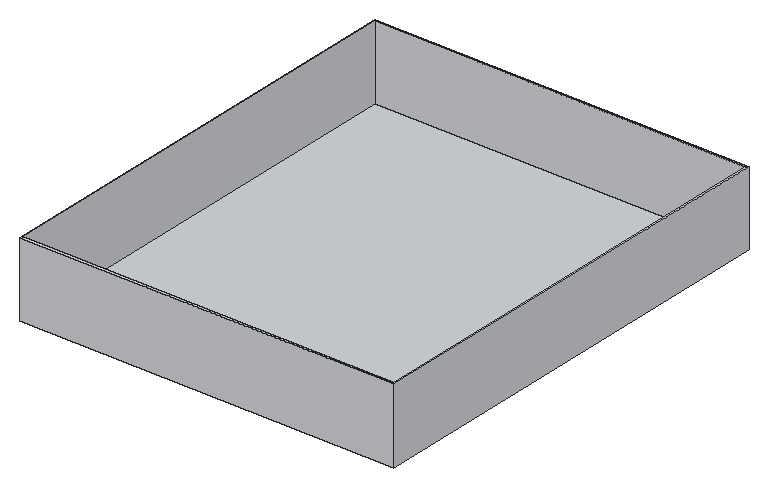
Revit family "Univers-IP30-empty-Surface_mounted-CH-en", category Electrical Equipment, host Face, Revit 2020
Family settings
  Host = Face
  Panel Configuration = Two Columns, Circuits Across
  Round Connector Dimension = Use Diameter
  Part Type = Panelboard
  Cut with Voids When Loaded = No
  Shared = No
  Room Calculation Point = No
Parameters (values of type "Surface mounted IP30 W800 H950 D161 0 Modular spacings - FWB63D1")
  Width Control [instance] = if([HG000006 - Flush mounted], if([EF000846 - Built-in width] > min_whd, [EF000846 - Built-in width], min_whd), if([EF000008 - Width] > min_whd, ([EF000008 - Width]), min_whd))  # 800 mm
  Void Depth [instance] = if([HG000006 - Flush mounted], Depth Control, 1 mm)  # 1 mm
  Type Comments = [HG000003 - Range]  # "Univers"
  System Height [instance] = Height Control - 2 * [HG000005 - Thickness]  # 944 mm
  Model = [HG000004 - Manufacturer reference]  # "FWB63D1"
  HG000011 - Empty rows from bottom = no
  HG000005 - Thickness = 3 mm  # constant formula
  Arrow Offset [instance] = Depth Control / 8  # 20.125 mm
  Arrow Height [instance] = Depth Control - Arrow Offset  # 140.875 mm
  Host Offset [instance] = if([HG000006 - Flush mounted], 0 mm, [EF000049 - Depth])  # 161 mm
  min_whd [instance] = (2 * [HG000005 - Thickness]) + 1 mm  # 7 mm
  Manufacturer = "Hager"  # constant formula
  Height Control [instance] = if([HG000006 - Flush mounted], if([EF000332 - Built-in height] > min_whd, [EF000332 - Built-in height], min_whd), if([EF000040 - Height] > min_whd, ([EF000040 - Height]), min_whd))  # 950 mm
  HG000010 - Asymmetric doors = no
  HG000009 - Double swing door = no
  HG000008 - Number of empty rows = 0
  HG000007 - Number of empty columns = 0
  HG000006 - Flush mounted = no
  HG000004 - Manufacturer reference = "FWB63D1"
  HG000003 - Range = "Univers"
  HG000002 - With door or cover = no
  HG000001 - Number of columns = 0
  Flush Mounted - Door Frame Width [instance] = if(([EF000040 - Height] - [EF000332 - Built-in height]) > 0 mm, if([HG000006 - Flush mounted], [EF000040 - Height] - [EF000332 - Built-in height], 0 mm), 0 mm)  # 0 mm
  EF015941 - Signal passing door = no
  EF015777 - Neutral terminal block = no
  EF015776 - Earthing terminal block = no
  EF009212 - Cover model = "EV009916 - With notch"
  EF006306 - With lock = no
  EF006244 - Transparent cover/door = no
  EF005474 - Degree of protection (IP) = "EV006410 - IP30"
  EF004462 - Type of closure = "EV000154 - Other"
  EF002950 - Width in number of modular spacings = 0
  EF001596 - Material housing = "EV000179 - Steel"
  EF001134 - DIN-rail = no
  EF001131 - Internal depth = 160 mm
  EF001088 - Extension possible = no
  EF001062 - EMC-version = no
  EF000846 - Built-in width = 800 mm
  EF000339 - Type of cover = "EV000494 - None"
  EF000332 - Built-in height = 950 mm
  EF000266 - Number of rows = 0
  EF000218 - Built-in depth = 161 mm
  EF000118 - With mounting plate = no
  EF000116 - RAL-number = "9010"
  EF000049 - Depth = 161 mm
  EF000040 - Height = 950 mm
  EF000008 - Width = 800 mm
  EF000007 - Colour = "EV000202 - White"
  EF000003 - Mounting method = "EV001247 - Surface mounted/recessed mounted"
  Door_Right [instance] = yes
  Door_Left [instance] = not(Door_Right)  # no
  Door Swing Angle [instance] = 45.00°
  Door 3d Visibility [instance] = yes
  Depth Control [instance] = if([HG000006 - Flush mounted], if([EF000218 - Built-in depth] > 0 mm, [EF000218 - Built-in depth], 1 mm), if([EF000049 - Depth] > 0 mm, ([EF000049 - Depth]), 1 mm))  # 161 mm
  Default Elevation = 0 mm
  Clearance Visibility [instance] = no
Types (20, lengths in mm): name | Width Control | System Height | Model | Height Control | HG000004 - Manufacturer reference | EF009212 - Cover model | EF001131 - Internal depth | EF000846 - Built-in width | EF000332 - Built-in height | EF000218 - Built-in depth | EF000040 - Height | EF000008 - Width | EF000003 - Mounting method
  Surface mounted IP30 W1050 H1100 D161 0 Modular spacings - FWB74D1 | 1050 | 1094 | "FWB74D1" | 1100 | "FWB74D1" | "EV009916 - With notch" | 156 | 1050 | 1100 | 161 | 1100 | 1050 | "EV001247 - Surface mounted/recessed mounted"
  Surface mounted IP30 W1050 H500 D161 0 Modular spacings - FWB34D1 | 1050 | 494 | "FWB34D1" | 500 | "FWB34D1" | "EV009916 - With notch" | 156 | 1050 | 500 | 161 | 500 | 1050 | "EV001247 - Surface mounted/recessed mounted"
  Surface mounted IP30 W1050 H650 D161 0 Modular spacings - FWB44D1 | 1050 | 644 | "FWB44D1" | 650 | "FWB44D1" | "EV000116 - Closed" | 160 | 1050 | 650 | 161 | 650 | 1050 | "EV001247 - Surface mounted/recessed mounted"
  Surface mounted IP30 W1050 H800 D161 0 Modular spacings - FWB54D1 | 1050 | 794 | "FWB54D1" | 800 | "FWB54D1" | "EV009916 - With notch" | 160 | 1050 | 800 | 161 | 800 | 1050 | "EV001247 - Surface mounted/recessed mounted"
  Surface mounted IP30 W1050 H950 D161 0 Modular spacings - FWB64D1 | 1050 | 944 | "FWB64D1" | 950 | "FWB64D1" | "EV009916 - With notch" | 160 | 1050 | 950 | 161 | 950 | 1050 | "EV001247 - Surface mounted/recessed mounted"
  Surface mounted IP30 W300 H1100 D161 0 Modular spacings - FWB71D1 | 300 | 1094 | "FWB71D1" | 1100 | "FWB71D1" | "EV009916 - With notch" | 156 | 300 | 1100 | 161 | 1100 | 300 | "EV001247 - Surface mounted/recessed mounted"
  Surface mounted IP30 W300 H1250 D161 0 Modular spacings - FWB81D1 | 300 | 1244 | "FWB81D1" | 1250 | "FWB81D1" | "EV009916 - With notch" | 160 | 0 | 0 | 0 | 1250 | 300 | "EV000384 - Surface mounted (plaster)"
  Surface mounted IP30 W300 H500 D161 0 Modular spacings - FWB31D1 | 300 | 494 | "FWB31D1" | 500 | "FWB31D1" | "EV009916 - With notch" | 156 | 300 | 500 | 161 | 500 | 300 | "EV001247 - Surface mounted/recessed mounted"
  Surface mounted IP30 W300 H650 D161 0 Modular spacings - FWB41D1 | 300 | 644 | "FWB41D1" | 650 | "FWB41D1" | "EV000116 - Closed" | 160 | 300 | 650 | 161 | 650 | 300 | "EV001247 - Surface mounted/recessed mounted"
  Surface mounted IP30 W300 H800 D161 0 Modular spacings - FWB51D1 | 300 | 794 | "FWB51D1" | 800 | "FWB51D1" | "EV009916 - With notch" | 156 | 300 | 800 | 161 | 800 | 300 | "EV001247 - Surface mounted/recessed mounted"
  Surface mounted IP30 W300 H950 D161 0 Modular spacings - FWB61D1 | 300 | 944 | "FWB61D1" | 950 | "FWB61D1" | "EV009916 - With notch" | 156 | 300 | 950 | 161 | 950 | 300 | "EV001247 - Surface mounted/recessed mounted"
  Surface mounted IP30 W550 H1100 D161 0 Modular spacings - FWB72D1 | 550 | 1094 | "FWB72D1" | 1100 | "FWB72D1" | "EV009916 - With notch" | 156 | 550 | 1100 | 161 | 1100 | 550 | "EV001247 - Surface mounted/recessed mounted"
  Surface mounted IP30 W550 H500 D161 0 Modular spacings - FWB32D1 | 550 | 494 | "FWB32D1" | 500 | "FWB32D1" | "EV009916 - With notch" | 156 | 550 | 500 | 161 | 500 | 550 | "EV001247 - Surface mounted/recessed mounted"
  Surface mounted IP30 W550 H650 D161 0 Modular spacings - FWB42D1 | 550 | 644 | "FWB42D1" | 650 | "FWB42D1" | "EV000116 - Closed" | 160 | 550 | 650 | 161 | 650 | 550 | "EV001247 - Surface mounted/recessed mounted"
  Surface mounted IP30 W550 H800 D161 0 Modular spacings - FWB52D1 | 550 | 794 | "FWB52D1" | 800 | "FWB52D1" | "EV009916 - With notch" | 156 | 550 | 800 | 161 | 800 | 550 | "EV001247 - Surface mounted/recessed mounted"
  Surface mounted IP30 W550 H950 D161 0 Modular spacings - FWB62D1 | 550 | 944 | "FWB62D1" | 950 | "FWB62D1" | "EV009916 - With notch" | 156 | 550 | 950 | 161 | 950 | 550 | "EV001247 - Surface mounted/recessed mounted"
  Surface mounted IP30 W800 H500 D161 0 Modular spacings - FWB33D1 | 800 | 494 | "FWB33D1" | 500 | "FWB33D1" | "EV000116 - Closed" | 160 | 800 | 500 | 161 | 500 | 800 | "EV001247 - Surface mounted/recessed mounted"
  Surface mounted IP30 W800 H650 D161 0 Modular spacings - FWB43D1 | 800 | 644 | "FWB43D1" | 650 | "FWB43D1" | "EV000116 - Closed" | 160 | 800 | 650 | 161 | 650 | 800 | "EV001247 - Surface mounted/recessed mounted"
  Surface mounted IP30 W800 H800 D161 0 Modular spacings - FWB53D1 | 800 | 794 | "FWB53D1" | 800 | "FWB53D1" | "EV000116 - Closed" | 160 | 800 | 800 | 161 | 800 | 800 | "EV001247 - Surface mounted/recessed mounted"
  Surface mounted IP30 W800 H950 D161 0 Modular spacings - FWB63D1 | 800 | 944 | "FWB63D1" | 950 | "FWB63D1" | "EV009916 - With notch" | 160 | 800 | 950 | 161 | 950 | 800 | "EV001247 - Surface mounted/recessed mounted"
Reference planes
  plane 1 "Center (Front/Back)": y = 0
  plane 2: z = 0
  plane 3 "Center (Left/Right)": x = 0
  plane 4: z = 161
  plane 5: y = 3
  plane 6: z = 156
  plane 7: y = 475
  plane 8: y = 0
  plane 9: y = 950
  plane 10: z = 0
  plane 11: x = -400
  plane 12: x = 400
  plane 13: x = 397
  plane 14: x = -397
  plane 15: y = 947
  plane 16: z = 3
  plane 17: z = 158
  plane 18: z = -1
  plane 19: z = 158
Forms (mm)
  Extrusion 1, solid
    sketch origin (-583.045, 0, 1219.2) x (-1, 0, 0) y (0, 0, 1)
      loop
        line (-183.045, -1058.2) -> (-983.045, -1058.2) -> (-983.045, -1219.2) -> (-183.045, -1219.2) -> (-183.045, -1058.2)
    from 0 to 950 <- "Height Control"
  Extrusion 2, void
    sketch origin (-381.607, -4572, 161) x (0, -1, 0) y (-1, 0, 0)
      loop
        line (-5519, 15.393) -> (-5519, -778.607) -> (-4575, -778.607) -> (-4575, 15.393) -> (-5519, 15.393)
    from 0 to 158
  Extrusion 3, void
    sketch origin (0, 0, 0) x (1, 0, 0) y (0, 1, 0)
      loop
        line (-400, 0) -> (400, 0) -> (400, 950) -> (-400, 950) -> (-400, 0)
    from -1 to 1
  Extrusion 4, solid, detail levels coarse
    sketch origin (-381.607, -4572, 161) x (-1, 0, 0) y (0, -1, 0)
      loop
        line (15.393, -5519) -> (15.393, -4575) -> (-778.607, -4575) -> (-778.607, -5519) -> (15.393, -5519)
    from 0 to -3
Cuts and joins
  Extrusion 2 cuts Extrusion 1
Dimensions and locks
  plane 4 to plane 6 = 5 mm
  "Host Offset": plane 4 to host face
  "Flush Mounted - Door Frame Width": plane 1 "Center (Front/Back)" to plane 8
  "HG000005 - Thickness": plane 5 to plane 8
  locked: connector elem to plane 3 "Center (Left/Right)"
  "Height Control": plane 9 to plane 8
  equal spacing: plane 9, plane 7, plane 8
  locked: connector elem to plane 7
  "Depth Control": plane 4 to plane 10
  "HG000005 - Thickness": plane 11 to plane 14
  "HG000005 - Thickness": plane 12 to plane 13
  equal spacing: plane 11, plane 3 "Center (Left/Right)", plane 12
  "Width Control": plane 11 to plane 12
  "Arrow Offset": nested 4 to plane 10
  "HG000005 - Thickness": plane 9 to plane 15
  "HG000005 - Thickness": plane 16 to plane 10
  "HG000005 - Thickness": plane 4 to plane 17
  "Void Depth": plane 2 to plane 18
  "HG000005 - Thickness": plane 4 to plane 19
  aligned and locked: plane 2 to host face
  aligned and locked: level to host face
  aligned and locked: plane 3 "Center (Left/Right)" to nested 2
  aligned and locked: nested 2 to plane 4
  aligned and locked: nested 2 to plane 8
  aligned and locked: nested 1 to plane 6
  aligned and locked: nested 1 to plane 5
  aligned and locked: nested 4 to plane 11
  aligned and locked: nested 3 to plane 4
  aligned and locked: Extrusion 1 sketch curve to plane 12
  aligned and locked: Extrusion 1 sketch curve to plane 11
  aligned and locked: nested 3 to plane 10
  aligned and locked: plane 10 to Extrusion 1 sketch curve
  aligned and locked: Extrusion 2 sketch curve to plane 5
  aligned and locked: Extrusion 2 sketch curve to plane 15
  aligned and locked: Extrusion 2 sketch curve to plane 14
  aligned and locked: Extrusion 2 sketch curve to plane 13
  aligned and locked: plane 11 to Extrusion 3 sketch curve
  aligned and locked: plane 9 to Extrusion 3 sketch curve
  aligned and locked: Extrusion 3 sketch curve to plane 8
  aligned and locked: plane 12 to Extrusion 3 sketch curve
  aligned and locked: nested 3 to plane 12
  aligned and locked: Extrusion 3 to plane 18
  aligned and locked: Extrusion 2 to plane 16
  aligned and locked: Extrusion 1 sketch curve to plane 4
  aligned and locked: Extrusion 4 to plane 17
  aligned and locked: Extrusion 4 sketch curve to plane 15
  aligned and locked: Extrusion 4 sketch curve to plane 13
  aligned and locked: Extrusion 4 sketch curve to plane 14
  aligned and locked: Extrusion 4 sketch curve to plane 5
Automatic sketch dimensions
  host sketch curve to host sketch curve = 1469.727 mm
  host sketch curve to host sketch curve = 1318.837 mm
Nested families
  nested 1: "Hager_Enclosure_System" at (0, 3, 156) x (1, 0, 0) z (0, 1, 0), Depth <- "HG000005 - Thickness", Height <- "System Height", Width <- "EF000008 - Width", Border <- "HG000005 - Thickness", Flush_Mounted <- "HG000006 - Flush mounted", Built-in_Width <- "EF000846 - Built-in width", Row_Module_Multiplicator <- "EF002950 - Width in number of modular spacings", Total_No_Empty_Rows <- "HG000008 - Number of empty rows", Total_No_Rows <- "EF000266 - Number of rows", Empty_Columns <- "HG000007 - Number of empty columns", No_Rows <- "EF000266 - Number of rows", No_Columns <- "HG000001 - Number of columns", Width_Control <- "Width Control", Empty_Rows_From_Bottom <- "HG000011 - Empty rows from bottom", type "Hager_Enclosure_System", detail levels medium+fine
    with Width_Control 800 mm, Width 800 mm, Total_No_Rows 0, Total_No_Empty_Rows 0, Total_No_Columns 1, System_Width 794 mm, Rows_Column 0, Row_Module_Multiplicator 0, Panel_4 no, Panel_3 no, Panel_2 no, Panel_1 no, No_Rows 0, No_Panels_Ctrl 1, No_Columns 0, Hide_Columns yes, Height 944 mm, Flush_Mounted no, Empty_Rows_From_Bottom no, Empty_Rows_Column 0, Empty_Columns 0, Depth 3 mm, Column_Width 794 mm, Built-in_Width 800 mm, Border 3 mm
  nested 2: "Hager_Enclosure_Door" at (0, 0, 161) x (1, 0, 0) z (0, 1, 0), Border <- "HG000005 - Thickness", Door_Right <- "Door_Right", Flush_Mounted <- "HG000006 - Flush mounted", Depth <- "EF000049 - Depth", Width <- "EF000008 - Width", Door_Left <- "Door_Left", 3d_Door <- "Door 3d Visibility", BuiltIn_Width <- "EF000846 - Built-in width", BuiltIn_Height <- "EF000332 - Built-in height", BuiltIn_Depth <- "EF000218 - Built-in depth", Angle <- "Door Swing Angle", Assymetrical <- "HG000010 - Asymmetric doors", Double <- "HG000009 - Double swing door", Clearance <- "Clearance Visibility", Transparent <- "EF006244 - Transparent cover/door", Door <- "HG000002 - With door or cover", Height_Ctrl <- "Height Control", Width_Ctrl <- "Width Control", Height <- "EF000040 - Height", type "Hager_Enclosure_Door", detail levels medium+fine
    with min_wh 7 mm, Width_Ctrl 800 mm, Width 800 mm, Transparent no, Leaf_Width 791 mm, Leaf_Tolerance 1.5 mm, Leaf_Height 941 mm, Leaf_2_Width 791 mm, Leaf_2_Offset 395.5 mm, Leaf_1_Width 791 mm, Leaf_1_Offset 395.5 mm, Height_Ctrl 950 mm, Height 950 mm, Frame_Width_Ctrl 1 mm, Frame_Width 0 mm, Frame_Internal_Offset 0 mm, Frame_Height_Ctrl 1 mm, Frame_Height 0 mm, Frame_Depth_Ctrl 1 mm, Frame_Depth 0 mm, Flush_Mounted no, Double_Clearance_Ctrl no, Double no, Door_Right_Ctrl no, Door_Right yes, Door_Left_Ctrl no, Door_Left no, Door no, Depth 161 mm, Clearance_Depth 791 mm, Clearance_Ctrl no, Clearance no, BuiltIn_Width 800 mm, BuiltIn_Height 950 mm, BuiltIn_Depth 161 mm, Border 3 mm, Assymetrical no, Angle 45.00°, 3d_Door yes
  nested 3: "Hager_Enclosure_Symbol_Triangle" at (-400, 0, 0) x (1, 0, 0) z (0, -1, 0), Depth <- "Depth Control", Width <- "Width Control", type "Hager_Enclosure_Symbol_Triangle"
    with Width_Ctrl 800 mm, Width 800 mm, Depth_Ctrl 161 mm, Depth 161 mm
  nested 4: "Hager_Enclosure_Symbol_Arrow" at (-400, 0, 20.125) x (1, 0, 0) z (0, -1, 0), Height <- "Arrow Height", type "Hager_Enclosure_Symbol_Arrow"
    with Width_Inside 10.566 mm, Width 126.788 mm, Height_Ctrl 140.875 mm, Height 140.875 mm
Connectors
  electrical at (0, 475, 0)
    settings: on plane 10, index 1, voltage 0 V, apparent load 0 VA, apparent load phase1 0 VA, apparent load phase2 0 VA, apparent load phase3 0 VA, power factor 1, load classification "Other", number of poles 1, system type 30, power factor state 1, is connector primary yes, connector utility no, sub classification motor no, connector description ""
Definition of nested family "Hager_Enclosure_Door"
  Parameters (values of type "Hager_Enclosure_Door")
    min_wh [instance] = (2 * Border) + 1 mm  # 11 mm
    Width_Ctrl [instance] = 400 mm
    Width [instance] = 500 mm
    Transparent [instance] = yes
    Leaf_Width [instance] = if((Width_Ctrl - 2 * Border - 2 * Leaf_Tolerance) > 0 mm, (Width_Ctrl - 2 * Border - 2 * Leaf_Tolerance), min_wh)  # 387 mm
    Leaf_Tolerance [instance] = 1.5 mm  # constant formula
    Leaf_Height [instance] = if((Height_Ctrl - 2 * Border - 2 * Leaf_Tolerance) > 0 mm, (Height_Ctrl - 2 * Border - 2 * Leaf_Tolerance), min_wh)  # 387 mm
    Leaf_2_Width [instance] = if(and(and(Double, Assymetrical), Door_Left), (Leaf_Width / 3) - (Leaf_Tolerance / 2), if(and(and(Double, Assymetrical), Door_Right), (Leaf_Width / 3) * 2 - (Leaf_Tolerance / 2), if(and(Double, not(Assymetrical)), (Leaf_Width / 2) - Leaf_Tolerance, Leaf_Width)))  # 192 mm
    Leaf_2_Offset [instance] = if(and(Double, Assymetrical), Leaf_2_Width / 2, if(and(Double, not(Assymetrical)), Leaf_Width / 4, Leaf_Width / 2))  # 96.75 mm
    Leaf_1_Width [instance] = if(and(and(Double, Assymetrical), Door_Right), (Leaf_Width / 3) - (Leaf_Tolerance / 2), if(and(and(Double, Assymetrical), Door_Left), (Width / 3) * 2 - (Leaf_Tolerance / 2), if(and(Double, not(Assymetrical)), (Leaf_Width / 2) - Leaf_Tolerance, Leaf_Width)))  # 192 mm
    Leaf_1_Offset [instance] = if(and(Double, Assymetrical), Leaf_1_Width / 2, if(and(Double, not(Assymetrical)), Leaf_Width / 4, Leaf_Width / 2))  # 96.75 mm
    Height_Ctrl [instance] = 400 mm
    Height [instance] = 500 mm
    Frame_Width_Ctrl [instance] = if(Frame_Width > 0 mm, Frame_Width, 1 mm)  # 1 mm
    Frame_Width [instance] = Width - BuiltIn_Width  # 0 mm
    Frame_Internal_Offset [instance] = if(Flush_Mounted, Border, 0 mm)  # 0 mm
    Frame_Height_Ctrl [instance] = if(Frame_Height > 0 mm, Frame_Height, 1 mm)  # 1 mm
    Frame_Height [instance] = Height - BuiltIn_Height  # 0 mm
    Frame_Depth_Ctrl [instance] = if(Frame_Depth > 0 mm, Frame_Depth, 1 mm)  # 1 mm
    Frame_Depth [instance] = if(Depth - BuiltIn_Depth > 0 mm, if(Flush_Mounted, Depth - BuiltIn_Depth, 0 mm), 0 mm)  # 0 mm
    Flush_Mounted [instance] = no
    Double_Clearance_Ctrl [instance] = and(Double, Clearance)  # yes
    Double [instance] = yes
    Door_Right_Ctrl [instance] = and(or(Door_Right, Double), Door)  # yes
    Door_Right [instance] = yes
    Door_Left_Ctrl [instance] = and(or(Door_Left, Double), Door)  # yes
    Door_Left [instance] = no
    Door [instance] = yes
    Depth [instance] = 500 mm
    Default Elevation = 1219.2 mm
    Clearance_Material = none
    Clearance_Depth [instance] = if(Leaf_1_Width > Leaf_2_Width, Leaf_1_Width, Leaf_2_Width)  # 192 mm
    Clearance_Ctrl [instance] = and(not(Double), Clearance)  # no
    Clearance [instance] = yes
    BuiltIn_Width [instance] = 500 mm
    BuiltIn_Height [instance] = 500 mm
    BuiltIn_Depth [instance] = 500 mm
    Border [instance] = 5 mm
    Assymetrical [instance] = no
    Angle [instance] = 65.00°
    3d_Door [instance] = yes
  Reference planes
    plane 1 "Center (Front/Back)": y = 0
    plane 2 "Bottom": z = 0
    plane 3 "Center (Left/Right)": x = 0
    plane 4: z = 400
    plane 5: x = -200
    plane 6: x = 200
    plane 7: z = 395
    plane 8: x = -195
    plane 9: z = 5
    plane 10: x = 195
    plane 11: y = 0
    plane 12: z = 6.5
    plane 13: x = -387
    plane 14: y = -192
    plane 15: x = 387
    plane 16: x = -96.75
    plane 17: x = 96.75
    plane 18: x = -193.5
    plane 19: x = 193.5
    plane 20: z = 393.5
  Forms (mm)
    Extrusion 1, solid, visible <- "Flush_Mounted"
      sketch origin (0, 0, 0) x (1, 0, 0) y (0, 0, 1)
        loop
          line (200, 0) -> (200, 400) -> (-200, 400) -> (-200, 0) -> (200, 0)
        loop
          line (-201, 401) -> (-201, -1) -> (201, -1) -> (201, 401) -> (-201, 401)
      from 0 to 1 <- "Frame_Depth_Ctrl"
    Extrusion 2, solid, material <- "Clearance_Material", visible <- "Double_Clearance_Ctrl"
      sketch origin (1200, 0, 0) x (1, 0, 0) y (0, 0, -1)
        loop
          line (-1587, -393.5) -> (-813, -393.5) -> (-813, 0) -> (-1587, 0) -> (-1587, -393.5)
      from 0 to -192
  Dimensions and locks
    equal spacing: plane 5, plane 3 "Center (Left/Right)", plane 6
    "Width_Ctrl": plane 5 to plane 6
    "Border": plane 5 to plane 8
    "Border": plane 6 to plane 10
    "Border": plane 9 to level
    "Border": plane 4 to plane 7
    "Height_Ctrl": plane 4 to level
    "Leaf_Tolerance": plane 12 to plane 9
    "Frame_Depth": plane 11 to plane 1 "Center (Front/Back)"
    "Frame_Width_Ctrl": plane 5 to Extrusion 1 sketch curve
    "Frame_Width_Ctrl": plane 6 to Extrusion 1 sketch curve
    "Frame_Width_Ctrl": Extrusion 1 sketch curve to plane 4
    "Frame_Width_Ctrl": plane 2 "Bottom" to Extrusion 1 sketch curve
    "Leaf_1_Offset": plane 18 to plane 16
    "Leaf_2_Offset": plane 17 to plane 19
    "Leaf_1_Width": plane 13 to plane 8
    "Leaf_2_Width": plane 10 to plane 15
    "Clearance_Depth": plane 14 to plane 1 "Center (Front/Back)"
    "Leaf_Tolerance": plane 8 to plane 18
    "Leaf_Tolerance": plane 19 to plane 10
    "Leaf_Tolerance": plane 7 to plane 20
    "Frame_Internal_Offset": plane 5 to Extrusion 1 sketch curve
    "Frame_Internal_Offset": Extrusion 1 sketch curve to plane 2 "Bottom"
    "Frame_Internal_Offset": plane 6 to Extrusion 1 sketch curve
    "Frame_Internal_Offset": plane 4 to Extrusion 1 sketch curve
    aligned and locked: level to plane 2 "Bottom"
    aligned and locked: nested 1 to plane 16
    aligned and locked: nested 2 to plane 17
    aligned and locked: Extrusion 2 to plane 13
    aligned and locked: plane 15 to Extrusion 2
    aligned and locked: Extrusion 2 to plane 14
    aligned and locked: plane 12 to nested 1
    aligned and locked: nested 2 to plane 12
    aligned and locked: Extrusion 2 to plane 11
    aligned and locked: plane 20 to Extrusion 2
    aligned and locked: nested 2 to plane 11
    aligned and locked: nested 1 to plane 11
  Automatic sketch dimensions
    Extrusion 2 sketch curve to level = 0 mm
    plane 5 to Extrusion 2 sketch curve = 187 mm
    plane 6 to Extrusion 2 sketch curve = 187 mm
    Extrusion 2 sketch curve to plane 4 = 6.5 mm
  Nested families
    nested 1: "Hager_Enclosure_Door_Leaf" at (-96.75, 0, 6.5), Width <- "Leaf_1_Width", visible <- "Door_Left_Ctrl", Leaf_Height <- "Leaf_Height", Angle <- "Angle", Depth <- "Border", 3d_Door <- "3d_Door", Transparent <- "Transparent", Clearance Material <- "Clearance_Material", Clearance <- "Clearance_Ctrl", type "Hager_Enclosure_Door_Leaf"
      with Width 192 mm, Transparent_Door_Border 25 mm, Transparent_Ctrl yes, Transparent yes, Standard no, Leaf_Height 387 mm, Glass_Offset 1 mm, Depth 5 mm, Clearance Material none, Clearance no, Angle_Ctrl 65.00°, Angle 65.00°, 3d_Door yes
    nested 2: "Hager_Enclosure_Door_Leaf" at (96.75, 0, 6.5) x (-1, 0, 0) z (0, 0, 1), Width <- "Leaf_2_Width", visible <- "Door_Right_Ctrl", Leaf_Height <- "Leaf_Height", Angle <- "Angle", Depth <- "Border", 3d_Door <- "3d_Door", Transparent <- "Transparent", Clearance Material <- "Clearance_Material", Clearance <- "Clearance_Ctrl", type "Hager_Enclosure_Door_Leaf"
      with Width 192 mm, Transparent_Door_Border 25 mm, Transparent_Ctrl yes, Transparent yes, Standard no, Leaf_Height 387 mm, Glass_Offset 1 mm, Depth 5 mm, Clearance Material none, Clearance no, Angle_Ctrl 65.00°, Angle 65.00°, 3d_Door yes
  Definition of nested family "Hager_Enclosure_Door_Leaf"
    Parameters (values of type "Hager_Enclosure_Door_Leaf")
      Width [instance] = 200 mm
      Transparent_Door_Border [instance] = 25 mm  # constant formula
      Transparent_Ctrl [instance] = and(Transparent, [3d_Door])  # yes
      Transparent [instance] = yes
      Standard [instance] = and(not(Transparent), [3d_Door])  # no
      Leaf_Height [instance] = 500 mm
      Glass_Offset [instance] = if((Depth - 10 mm) / 2 > 0 mm, (Depth - 10 mm) / 2, 1 mm)  # 1 mm
      Glass_Material = none
      Depth [instance] = 3 mm
      Default Elevation = 0 mm
      Clearance Material [instance] = none
      Clearance [instance] = no
      Angle_Ctrl [instance] = if(Angle > 170.00°, 170.00°, Angle)  # 163.00°
      Angle [instance] = 163.00°
      3d_Door [instance] = yes
    Reference planes
      plane 1 "Center (Front/Back)": y = 0
      plane 2: z = 0
      plane 3 "Center (Left/Right)": x = 0
      plane 4: y = 200
      plane 5: x = -100
      plane 6: x = 100
      plane 7: x = -300
      plane 8: z = 500
      plane 9: z = 25
      plane 10: z = 475
      plane 11: x = 75
      plane 12: x = -75
    Forms (mm)
      Extrusion 1, solid, material <- "Clearance Material", visible <- "Clearance"
        sketch origin (0, 0, 0) x (1, 0, 0) y (0, 0, 1)
          loop
            line (-300, 500) -> (-300, 0) -> (100, 0) -> (100, 500) -> (-300, 500)
        from 0 to -200
      Extrusion 2, solid, visible <- "Standard", detail levels fine
        sketch origin (-100, 0, 0) x (-0.956305, 0.292372, 0) y (-0.292372, -0.956305, 0)
          loop
            line (0, -3) -> (200, -3) -> (200, 0) -> (0, 0) -> (0, -3)
        from 0 to 500 <- "Leaf_Height"
      Extrusion 3, solid, visible <- "Transparent_Ctrl", detail levels fine
        sketch origin (-100, 0, 0) x (-0.956305, 0.292372, 0) y (-0.292372, -0.956305, 0)
          loop
            line (0, -3) -> (200, -3) -> (200, 0) -> (0, 0) -> (0, -3)
        from 0 to 500 <- "Leaf_Height"
      Extrusion 4, void, detail levels fine
        sketch origin (-100, 0, 0) x (-0.292372, -0.956305, 0) y (-0.956305, 0.292372, 0)
          loop
            line (0, 25) -> (0, 175) -> (-3, 175) -> (-3, 25) -> (0, 25)
        from -475 to -25
      Extrusion 5, solid, material <- "Glass_Material", visible <- "Transparent_Ctrl", detail levels fine
        sketch origin (-100, 0, 0) x (-0.956305, 0.292372, 0) y (-0.292372, -0.956305, 0)
          loop
            line (25, -1) -> (25, -2) -> (175, -2) -> (175, -1) -> (25, -1)
        from 25 to 475
    Cuts and joins
      Extrusion 4 cuts Extrusion 3
    Lines and regions (mm)
      symbolic lines
        curve 1: line (100, 0, 0) -> (-300, 0, 0)
        curve 2: arc (100, 0, 0) -> (-100, 200, 0) -> (-300, 0, 0) r 200
        curve 4: line (-100, 0, 0) -> (-291.261, 58.474, 0)
      reference lines
        curve 3: line (-100, 0, 0) -> (-291.261, 58.474, 0)
      symbolic lines, detail levels medium+fine
        curve 5: line (-291.261, 58.474, 0) -> (-290.384, 61.343, 0)
        curve 6: line (-290.384, 61.343, 0) -> (-99.123, 2.869, 0)
        curve 7: line (-99.123, 2.869, 0) -> (-100, 0, 0)
      symbolic lines, detail levels fine
        curve 8: line (-100, 0, 500) -> (100, 0, 500)
        curve 9: line (-100, 0, 0) -> (-100, 0, 500)
        curve 10: line (100, 0, 0) -> (-100, 0, 0)
        curve 11: line (100, 0, 500) -> (100, 0, 0)
      symbolic lines, visible <- "Transparent_Ctrl", detail levels fine
        curve 12: line (-75, 0, 475) -> (75, 0, 475)
        curve 13: line (-75, 0, 25) -> (-75, 0, 475)
        curve 14: line (75, 0, 25) -> (-75, 0, 25)
        curve 15: line (75, 0, 475) -> (75, 0, 25)
    Dimensions and locks
      "Width": plane 1 "Center (Front/Back)" to plane 4
      equal spacing: plane 5, plane 3 "Center (Left/Right)", plane 6
      "Width": plane 5 to plane 6
      "Width": plane 7 to plane 5
      "Leaf_Height": plane 8 to level
      "Depth": curve 6 to curve 3
      "Width": curve 5 to curve 3
      "Width": curve 3 to curve 3
      "Transparent_Door_Border": Extrusion 4 sketch curve to curve 7
      "Transparent_Door_Border": Extrusion 4 sketch curve to curve 5
      "Transparent_Door_Border": plane 8 to plane 10
      "Transparent_Door_Border": plane 9 to level
      "Glass_Offset": Extrusion 5 sketch curve to curve 4
      "Glass_Offset": Extrusion 5 sketch curve to curve 6
      "Transparent_Door_Border": Extrusion 5 sketch curve to curve 5
      "Transparent_Door_Border": Extrusion 5 sketch curve to curve 7
      "Transparent_Door_Border": plane 12 to plane 5
      "Transparent_Door_Border": plane 6 to plane 11
      "Angle_Ctrl": angle plane 1 "Center (Front/Back)" to curve 3
      aligned and locked: level to plane 2
      aligned and locked: Extrusion 1 to curve 1
      aligned and locked: plane 6 to Extrusion 1
      aligned and locked: plane 1 "Center (Front/Back)" to Extrusion 1
      aligned and locked: plane 4 to Extrusion 1
      aligned and locked: plane 8 to Extrusion 1
      aligned and locked: curve 4 to curve 3
      aligned and locked: Extrusion 2 sketch curve to curve 7
      aligned and locked: Extrusion 2 sketch curve to curve 6
      aligned and locked: Extrusion 2 sketch curve to curve 5
      aligned and locked: Extrusion 2 sketch curve to curve 3
      aligned and locked: curve 7 to Extrusion 3 sketch curve
      aligned and locked: Extrusion 3 sketch curve to curve 4
      aligned and locked: Extrusion 3 sketch curve to curve 6
      aligned and locked: Extrusion 3 sketch curve to curve 5
      aligned and locked: curve 4 to Extrusion 4 sketch curve
      aligned and locked: curve 6 to Extrusion 4 sketch curve
      aligned and locked: Extrusion 4 to plane 9
      aligned and locked: Extrusion 4 to plane 10
      aligned and locked: Extrusion 5 to plane 9
      aligned and locked: Extrusion 5 to plane 10
      aligned and locked: curve 8 to plane 8
      aligned and locked: plane 5 to curve 9
      aligned and locked: plane 2 to curve 10
      aligned and locked: curve 11 to plane 6
      aligned and locked: plane 10 to curve 12
      aligned and locked: plane 12 to curve 13
      aligned and locked: plane 9 to curve 14
      aligned and locked: plane 11 to curve 15
    Automatic sketch dimensions
      plane 1 "Center (Front/Back)" to curve 2 = 0 mm
      curve 2 to plane 5 = 0 mm
      Extrusion 1 sketch curve to level = 0 mm
      Extrusion 1 sketch curve to plane 7 = 0 mm
      Extrusion 1 sketch curve to plane 6 = 0 mm
      Extrusion 1 sketch curve to plane 8 = 0 mm
      plane 1 "Center (Front/Back)" to curve 3 = 0 mm
      curve 3 to plane 5 = 0 mm
      curve 7 to curve 3 = 0 mm
Definition of nested family "Hager_Enclosure_Symbol_Triangle"
  Parameters (values of type "Hager_Enclosure_Symbol_Triangle")
    Width_Ctrl [instance] = if(Width > 1 mm, Width, 1 mm)  # 498 mm
    Width [instance] = 498 mm
    Depth_Ctrl [instance] = if(Depth > 1 mm, Depth, 1 mm)  # 72 mm
    Depth [instance] = 72 mm
  Reference planes
    plane 1 "Centre (avant/arrière)": y = 0
    plane 2: z = 0
    plane 3 "Centre (gauche/droite)": x = 0
  Lines and regions (mm)
    Filled region 1, type "Solid_Black", in view "Niveau de réf."
      outline origin (0, 0, 0) x (1, 0, 0) y (0, 1, 0)
        loop
          line (0, 0) -> (498, 0) -> (498, 72) -> (0, 0)
    reference lines, in view "Niveau de réf."
      curve 1: line (-206.153, 72, 0) -> (1083.258, 72, 0)
      curve 2: line (498, 405.456, 0) -> (498, -517.619, 0)
  Dimensions and locks
    "Depth_Ctrl": plane 1 "Centre (avant/arrière)" to curve 1
    "Width_Ctrl": plane 3 "Centre (gauche/droite)" to curve 2
    aligned and locked: curve 1 to Filled region 1 sketch curve
    aligned and locked: Filled region 1 sketch curve to plane 1 "Centre (avant/arrière)"
    aligned and locked: curve 2 to Filled region 1 sketch curve
    aligned and locked: plane 3 "Centre (gauche/droite)" to Filled region 1 sketch curve
    aligned and locked: plane 1 "Centre (avant/arrière)" to Filled region 1 sketch curve
  Automatic sketch dimensions
    curve 1 to plane 3 "Centre (gauche/droite)" = 206.153 mm
    curve 2 to curve 1 = 585.258 mm
    plane 1 "Centre (avant/arrière)" to curve 2 = 517.619 mm
    curve 2 to plane 1 "Centre (avant/arrière)" = 405.456 mm
Definition of nested family "Hager_Enclosure_Symbol_Arrow"
  Parameters (values of type "Hager_Enclosure_Symbol_Arrow")
    Width_Inside [instance] = if(Width / 12 > 2 mm, Width / 12, 2 mm)  # 4.987 mm
    Width [instance] = if(Height_Ctrl * 0.9 > 2 mm, Height_Ctrl * 0.9, 2 mm)  # 59.85 mm
    Height_Ctrl [instance] = if(Height > 2 mm, Height, 2 mm)  # 66.5 mm
    Height [instance] = 66.5 mm
  Reference planes
    plane 1 "Centre (avant/arrière)": y = 0
    plane 2: z = 0
    plane 3 "Centre (gauche/droite)": x = 0
    plane 4: x = 59.85
    plane 5: y = 28.263
    plane 6: y = 38.238
    plane 7: y = 66.5
    plane 8: x = 29.925
    plane 9: y = 33.25
  Lines and regions (mm)
    Filled region 1, type "Solid_Black", in view "Niveau de réf."
      outline origin (0, 0, 0) x (1, 0, 0) y (0, 1, 0)
        loop
          line (59.85, 66.5) -> (37.929, 52.827) -> (51.846, 41.935) -> (59.85, 66.5)
    detail lines, in view "Niveau de réf."
      curve 1: line (0, 0, 0) -> (29.925, 38.238, 0)
      curve 2: line (29.925, 38.238, 0) -> (29.925, 28.263, 0)
      curve 3: line (29.925, 28.263, 0) -> (59.85, 66.5, 0)
  Dimensions and locks
    "Width": plane 3 "Centre (gauche/droite)" to plane 4
    "Height_Ctrl": plane 7 to plane 1 "Centre (avant/arrière)"
    equal spacing: plane 3 "Centre (gauche/droite)", plane 8, plane 4
    equal spacing: plane 7, plane 9, plane 1 "Centre (avant/arrière)"
    equal spacing: plane 6, plane 9, plane 5
    "Width_Inside": plane 6 to plane 9
    equal spacing: curve 3, Filled region 1 sketch curve, Filled region 1 sketch curve
    angle Filled region 1 sketch curve to curve 3 = 20.00°
    angle curve 3 to Filled region 1 sketch curve = 20.00°
    locked: curve 3 to Filled region 1 sketch curve (angle 90.00°)
  Automatic sketch dimensions
    plane 1 "Centre (avant/arrière)" to curve 1 = 0 mm
    curve 1 to plane 3 "Centre (gauche/droite)" = 0 mm
    curve 2 to plane 6 = 0 mm
    curve 3 to plane 8 = 0 mm
    curve 3 to plane 4 = 0 mm
    curve 2 to plane 5 = 0 mm
    curve 3 to plane 7 = 0 mm
    Filled region 1 sketch curve to plane 4 = 0 mm
    Filled region 1 sketch curve to plane 7 = 0 mm
